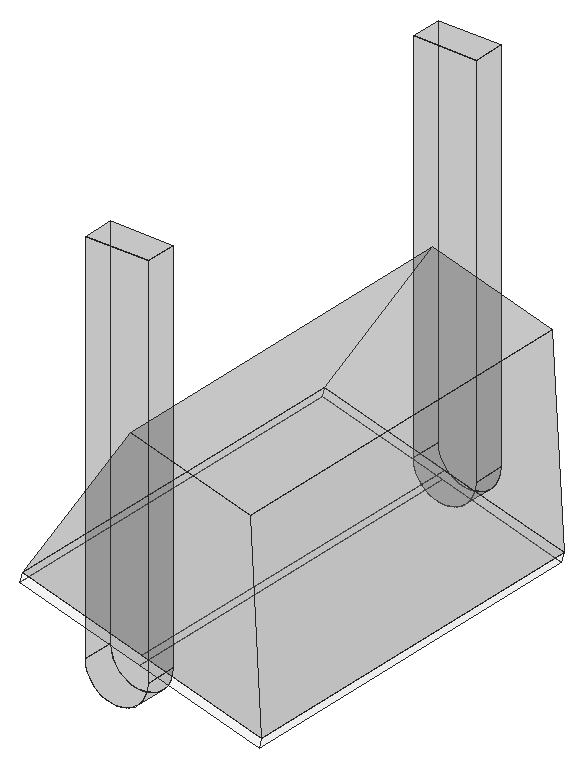
Revit family "M_Downlight - Spot", category Lighting Fixtures, host Ceiling, Revit 2017
Family settings
  Host = Ceiling
  Round Connector Dimension = Use Diameter
  Part Type = Normal
  OmniClass Number = 23.80.70.11.14.11
  OmniClass Title = Downlights
  Always vertical = No
  Cut with Voids When Loaded = No
  Light Source = Yes
  Shared = No
  Room Calculation Point = No
Parameters (values of type "75 Degree Tilt - 277V")
  Wattage = 40 W
  built-in parameter 1150110 = 1 (stored number, unit not read)
  built-in parameter 1114217 = 0.88 (stored number, unit not read)
  built-in parameter 1150109 = 1 (stored number, unit not read)
  built-in parameter 1150134 = 8
  built-in parameter 1150113 = 1 (stored number, unit not read)
  built-in parameter 1010507 = 1.5708 (stored number, unit not read)
  built-in parameter 1010506 = 0.5236 (stored number, unit not read)
  built-in parameter 1150115 = 1 (stored number, unit not read)
  built-in parameter 1150105 = 10532.2 (stored number, unit not read)
  Load Classification = Lighting - Dwelling Unit
  built-in parameter 1150131 = 3048 mm
  built-in parameter 1150137 = 1
  built-in parameter 1150139 = (empty or 0)
  Lamp Width = 100 mm
  built-in parameter 1150112 = 1 (stored number, unit not read)
  built-in parameter 1150114 = 1 (stored number, unit not read)
  built-in parameter 1150132 = (empty or 0)
  built-in parameter 1150102 = (empty or 0)
  built-in parameter 1150138 = (empty or 0)
  built-in parameter 1150107 = 4230 (stored number, unit not read)
  built-in parameter 1150106 = 105.32 (stored number, unit not read)
  built-in parameter 1150104 = 7.3161 (stored number, unit not read)
  Dimming Lamp Color Temperature Shift = <None>
  Diffuser = Glass, White, High Luminance
  Color Filter = 16777215
  Ballast Voltage = 277 V
  Ballast Number of Poles = 1
  built-in parameter 1114218 = 0.88 (stored number, unit not read)
  Light Source Symbol Length = 3048 mm
  Assembly Code = "D5020230"
  Lamp Height = 75 mm
  Lamp = ""
  Light Casing Material = Plastic, Opaque Black
  Lumens = 3150 lm
  Tilt Angle = 75.00°
  Wattage Comments = "40"
  Lamp Half Width = Lamp Width / 2  # 50 mm
  Apparent Load = 40 VA
Types (7, lengths in mm): name | built-in parameter 1150131 | Ballast Voltage | Tilt Angle
  (no name) | 3048 | 277 V | 75.00°
  90 Degree Tilt - 277V | 3048 | 277 V | 90.00°
  75 Degree Tilt - 277V | 3048 | 277 V | 75.00°
  60 Degree Tilt - 120V | 3048 | 120 V | 60.00°
  60 Degree Tilt - 277V | 3048 | 277 V | 60.00°
  75 Degree Tilt - 120V | 600 | 120 V | 75.00°
  90 Degree Tilt - 120V | 3048 | 120 V | 90.00°
Reference planes
  plane 1 "Light Source Axis": y = 0
  plane 2 "Ceiling": z = 2438.4
  plane 3 "Light Source Axis": x = 0
  plane 4 "Light Source Elevation": z = 2286
Forms (mm)
  Extrusion 1, solid, material "Plastic, Opaque Black" <- "Light Casing Material"
    sketch origin (0, 152.4, 0) x (0, 0, -1) y (1, 0, 0)
      loop
        line (-2364.915, -4.723) -> (-2298.941, -48.283) -> (-2286, 0.014) -> (-2273.059, 48.31) -> (-2351.974, 43.573) -> (-2364.915, -4.723)
    from 76.2 to 228.6
  Extrusion 2, solid, material "Plastic, Opaque Black" <- "Light Casing Material"
    sketch origin (0, -76.2, 0) x (0, 0, -1) y (1, 0, 0)
      loop
        line (-2438.4, -12.7) -> (-2286, -12.7)
        arc (-2286, -12.7) -> (-2273.3, 0) -> (-2286, 12.7) r 12.7
        line (-2286, 12.7) -> (-2438.4, 12.7) -> (-2438.4, -12.7)
    from 0 to 12.7
  Extrusion 3, solid, material "Plastic, Opaque Black" <- "Light Casing Material"
    sketch origin (0, 101.6, 0) x (0, 0, -1) y (1, 0, 0)
      loop
        line (-2438.4, -12.7) -> (-2286, -12.7)
        arc (-2286, -12.7) -> (-2273.3, 0) -> (-2286, 12.7) r 12.7
        line (-2286, 12.7) -> (-2438.4, 12.7) -> (-2438.4, -12.7)
    from 12.7 to 25.4
  Extrusion 4, solid, material "Glass, White, High Luminance" <- "Diffuser"
    sketch origin (0, 0, 2286) x (0.965926, 0, -0.258819) y (0.258819, 0, 0.965926)
      loop
        line (-49.987, 0.004) -> (-49.987, -3.996) -> (0.013, -3.996) -> (50.013, -3.996) -> (50.013, 0.004) -> (-49.987, 0.004)
    from -76.2 to 76.2
Lines and regions (mm)
  model lines
    curve 1: line (-50.786, 76.2, 2438.4) -> (50.814, 76.2, 2438.4)
    curve 2: line (-50.786, -76.2, 2438.4) -> (-50.786, 76.2, 2438.4)
    curve 3: line (50.814, -76.2, 2438.4) -> (-50.786, -76.2, 2438.4)
    curve 4: line (50.814, 76.2, 2438.4) -> (50.814, -76.2, 2438.4)
  symbolic lines
    curve 5: line (-12.7, 88.9, 2438.4) -> (12.7, 88.9, 2438.4)
    curve 6: line (-12.7, 76.2, 2438.4) -> (-12.7, 88.9, 2438.4)
    curve 7: line (12.7, 88.9, 2438.4) -> (12.7, 76.2, 2438.4)
    curve 8: line (-12.7, -76.2, 2438.4) -> (-12.7, -88.9, 2438.4)
    curve 9: line (-12.7, -88.9, 2438.4) -> (12.7, -88.9, 2438.4)
    curve 10: line (12.7, -88.9, 2438.4) -> (12.7, -76.2, 2438.4)
    curve 11: line (-50.786, 0, 2438.4) -> (0.014, 0, 2438.4)
    curve 12: line (-50.786, 25.4, 2438.4) -> (0.014, 25.4, 2438.4)
    curve 13: line (-50.786, 50.8, 2438.4) -> (0.014, 50.8, 2438.4)
    curve 14: line (-50.786, -25.4, 2438.4) -> (0.014, -25.4, 2438.4)
    curve 15: line (-50.786, -50.8, 2438.4) -> (0.014, -50.8, 2438.4)
    curve 16: line (0.014, 76.2, 2438.4) -> (0.014, -76.2, 2438.4)
  reference lines
    curve 17: line (0, 0, 2286) -> (188.356, 0, 2235.53)
Text (mm)
  text "0 Tilt Angle" at (-1482.244, 236.007, 2133.6), in view "Ref. Level"
  text "180 Tilt Angle" at (653.058, 236.007, 2133.6), in view "Ref. Level"
Dimensions and locks
  equal spacing: host sketch curve, plane 3 "Light Source Axis", host sketch curve
  equal spacing: host sketch curve, plane 1 "Light Source Axis", host sketch curve
  host sketch curve to host sketch curve = 3048 mm  (x2)
  "Lamp Height": Extrusion 1 sketch curve to Extrusion 1 sketch curve
  "Lamp Half Width": Extrusion 1 sketch curve to Extrusion 1 sketch curve  (x2)
  "Tilt Angle": angle plane 3 "Light Source Axis" to Extrusion 1 sketch curve
  angle Extrusion 1 sketch curve to Extrusion 1 sketch curve = 71.5651°  (x2)
  angle Extrusion 1 sketch curve to Extrusion 1 sketch curve = 108.435°  (x2)
  "Tilt Angle": angle curve 17 to plane 3 "Light Source Axis"
  aligned and locked: imposter light to plane 3 "Light Source Axis"
  aligned and locked: plane 1 "Light Source Axis" to imposter light
  aligned and locked: plane 4 "Light Source Elevation" to imposter light
  aligned and locked: plane 3 "Light Source Axis" to curve 17
  aligned and locked: plane 4 "Light Source Elevation" to curve 17
  aligned and locked: Extrusion 4 sketch curve to Extrusion 1
  aligned and locked: Extrusion 1 to Extrusion 4
  aligned and locked: Extrusion 4 to Extrusion 1
Automatic sketch dimensions
  Extrusion 2 sketch curve to plane 2 "Ceiling" = 0 mm
  Extrusion 2 sketch curve to plane 4 "Light Source Elevation" = 0 mm
  Extrusion 2 sketch curve to plane 3 "Light Source Axis" = 0 mm
  Extrusion 2 sketch curve to plane 3 "Light Source Axis" = 12.7 mm
  Extrusion 1 sketch curve to plane 4 "Light Source Elevation" = 0 mm
  plane 3 "Light Source Axis" to Extrusion 1 sketch curve = 0.014 mm
  curve 11 to plane 1 "Light Source Axis" = 0 mm
  plane 3 "Light Source Axis" to curve 11 = 0.014 mm
  curve 8 to plane 3 "Light Source Axis" = 12.7 mm
  curve 5 to plane 3 "Light Source Axis" = 12.7 mm
  curve 11 to plane 3 "Light Source Axis" = 50.786 mm
  plane 3 "Light Source Axis" to curve 7 = 12.7 mm
  plane 3 "Light Source Axis" to curve 10 = 12.7 mm
  curve 10 to curve 3 = 38.114 mm
  plane 1 "Light Source Axis" to curve 14 = 25.4 mm
  curve 15 to curve 14 = 25.4 mm
  curve 4 to curve 15 = 25.4 mm
  curve 8 to curve 8 = 12.7 mm
  curve 12 to plane 1 "Light Source Axis" = 25.4 mm
  curve 12 to curve 13 = 25.4 mm
  curve 13 to curve 4 = 25.4 mm
  curve 7 to curve 5 = 12.7 mm
  curve 17 to Extrusion 4 sketch curve = 0.013 mm
  curve 17 to Extrusion 4 sketch curve = 3.996 mm
  Extrusion 4 sketch curve to Extrusion 4 sketch curve = 50 mm
  Extrusion 4 sketch curve to curve 17 = 49.987 mm
Connectors
  electrical at (19.425, 0, 2358.444), driven by "Apparent Load", driven by "Ballast Voltage", driven by "Ballast Number of Poles", driven by "Load Classification"
    settings: on Extrusion 1, index 1, voltage 277 V, apparent load 0 VA, apparent load phase1 40 VA, apparent load phase2 0 VA, apparent load phase3 0 VA, power factor 0.95, load classification "Lighting - Dwelling Unit", number of poles 1, system type 31, power factor state 1, is connector primary yes, connector utility no, sub classification motor no, connector description ""
